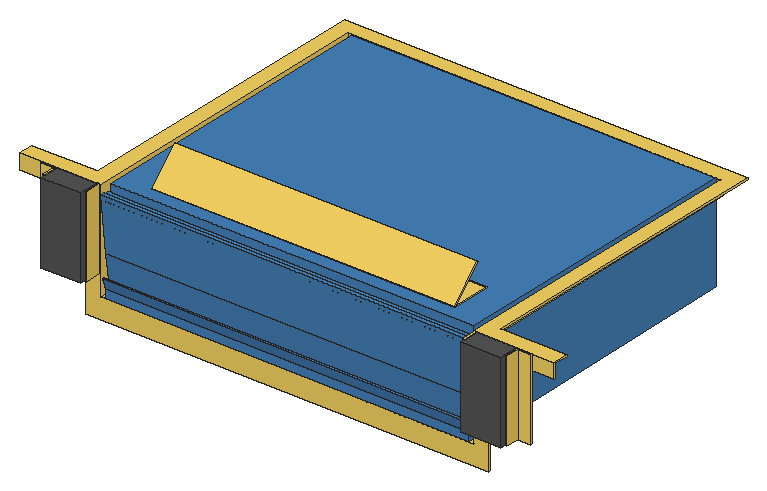
Revit family "DockLeveler_XDS-Series_BlueGiant", category Specialty Equipment, host Face, Revit 2026
Family settings
  Host = Face
  Round Connector Dimension = Use Diameter
  Part Type = Normal
  Enable Cutting in Views = No
  Cut with Voids When Loaded = No
  Maintain Annotation Orientation = No
  Shared = No
  Room Calculation Point = No
Parameters
  offsetangles [instance] = if(Steel Pit Angles, 0' 0", Pit Depth + 2' 0")  # 0' - 0"
  Warranty Duration (Years) = 0
  Unit Width = 6' - 0"
  Unit Length [instance] = Pit Length - 0' 2" + Lip Length + 0' 0 1/4"  # 6' - 3 1/2"
  URL = "http://www.bluegiant.com/"
  Textured Surface [instance] = Metal - Blue Giant - Textured Surface
  Test Data = ""
  Steel Pit Angles [instance] = yes
  Safety Marker Finish [instance] = Metal - Blue Giant - Safety Yellow
  Steel Angle Extension at Opening [instance] = 1' - 4"
  Specification = "http://www.arcat.com/sdspecs/htm/11160blu.htm"
  SpecWizard = "http://www.arcat.com/specwizard/11160blu/index.htm?mf=&coid=38505"
  Send Message = "http://www.arcat.com/users.pl?action=UserEmail&amp;company=Blue+Giant+Equipment+Corp.&amp;coid=38505&amp;rep=119&amp;fax=905-457-2313&amp;mf=95"
  Sales Information = "http://www.bluegiant.com/Loading_Dock_Dealer_Locations.html"
  Revision = "R1_06_2014"
  Rear Pit Offset = 0' - 0 1/2"
  Product Properties = ""
  Product Data = "http://www.arcat.com/arcatcos/cos38/arc38505.html"
  Pit Width = 6' - 2"
  Pit Length = 5' - 1 1/4"
  Pit Depth = 1' - 8"
  Model = "As Specified"
  Manufacturer Website = "http://www.bluegiant.com/"
  Manufacturer Phone - Toll Free = "800-668-7078"
  Manufacturer Phone = "905-457-3900"
  Manufacturer Fax = "905-457-2313"
  Manufacturer Address = "85 Heart Lake Rd. S.; Brampton; ON; Canada L6W 3K2"
  Manufacturer = "Blue Giant Equipment Corp."
  Maintenance Schedule (Months) = 0
  Lip Length [instance] = 1' - 4"
  Lip Inset = 0' - 0"
  Keynote = "11600"
  Installation-Fabrication = "http://www.bluegiant.com/Guide/Loading_Dock_Equipment.html"
  Installation Phase = ""
  Include Generic Bumpers [instance] = yes
  Green Building-LEED = "http://www.arcat.com/green/clients/leed_data_38505.html"
  Generic Bumper Width [instance] = 0' - 8"
  Generic Bumper Height [instance] = 1' - 4"
  Fixture Material [instance] = Metal - Blue Giant - Blue
  Expected Lifespan (Years) = 0
  Electrical_Voltage [instance] = 120 V
  Electrical_Phase [instance] = 1
  Electrical_Frequency [instance] = 60 Hz
  Drawn By = "Sumex Design, Inc. / Robert S. Weygant, CSI, CDT, SCIP"
  Description = "Blue Giant Loading Dock Equipment as Specified"
  Default Elevation = 0' - 0"
  Copyright = "©Arcat Inc."
  Construction Details = "http://www.arcat.com/details/bluegian/bluegian.html?coid=38505"
  Capacity = "as Specified"
  Bumper Finish [instance] = Rubber - Blue Giant - Black
  Building Codes = ""
  Available Options = "as Specified"
  Assembly Code = "E1030300"
Reference planes (in)
  plane 1 "Center (Front/Back)": y = -11.375
  plane 2: z = 0
  plane 3 "Center (Left/Right)": x = 0
  plane 4: y = 19.25
  plane 5 "Pit Front": y = -42
  plane 6: x = -37
  plane 7: x = 37
  plane 8: x = -36
  plane 9: x = 36
  plane 10 "Pit Base": z = -20
  plane 11: z = -19.5
  plane 12: z = 0
  plane 13 "Top of Steel Angle": z = -20
  plane 14: z = -24
  plane 15: y = -38
  plane 16: x = -20.75
  plane 17: x = 15.25
  plane 18: x = -35
  plane 19: x = 35
  plane 20: x = 36
  plane 21: x = -36
  plane 22: x = -37.625
  plane 23: x = 37.625
  plane 24: x = -45.625
  plane 25: x = 45.625
  plane 26: z = -16
  plane 27: x = -53
  plane 28: x = 53
Forms (in)
  Extrusion 1, void
    sketch origin (0, 0, 0) x (0, 1, 0) y (0, 0, 1)
      loop
        line (-42, 0) -> (-42, -20) -> (-38, -20) -> (19.25, -19.5) -> (19.25, 0) -> (-42, 0)
    from -37 to 37
  Sweep 2, solid, material "Metal - Blue Giant - Safety Yellow" <- "Safety Marker Finish", visible <- "Steel Pit Angles"
    path origin (-34.2385, -180, 0) x (-1, 0, 0) y (0, -1, 0)
      loop
        line (-87.2385, -138) -> (-71.2385, -138) -> (-71.2385, -199.25) -> (2.7615, -199.25) -> (2.7615, -138) -> (18.7615, -138)
    profile origin (-45, -42, 0) x (0, -1, 0) y (0, 0, 1)
      loop
        line (0, 0) -> (-3, 0) -> (-3, -0.25) -> (-0.25, -0.25) -> (-0.25, -3) -> (0, -3) -> (0, 0)
  Sweep 3, void
    path origin (-34.2385, -180, 0) x (-1, 0, 0) y (0, -1, 0)
      loop
        line (-87.2385, -138) -> (-71.2385, -138) -> (-71.2385, -199.25) -> (2.7615, -199.25) -> (2.7615, -138) -> (18.7615, -138)
    profile origin (-45, -42, 0) x (0, -1, 0) y (0, 0, 1)
      loop
        line (0, 0) -> (-3, 0) -> (-3, -0.25) -> (-0.25, -0.25) -> (-0.25, -3) -> (0, -3) -> (0, 0)
  Extrusion 4, solid, material "Metal - Blue Giant - Safety Yellow" <- "Safety Marker Finish", visible <- "Steel Pit Angles"
    sketch origin (0, 0, 0) x (1, 0, 0) y (0, 1, 0)
      loop
        line (-37, -42) -> (-37, -39) -> (-37.25, -39) -> (-37.25, -41.75) -> (-40, -41.75) -> (-40, -42) -> (-37, -42)
      loop
        line (37, -42) -> (40, -42) -> (40, -41.75) -> (37.25, -41.75) -> (37.25, -39) -> (37, -39) -> (37, -42)
    from -24 to -3
  Extrusion 5, void
    sketch origin (0, 0, 0) x (1, 0, 0) y (0, 1, 0)
      loop
        line (-37, -39) -> (-37.25, -39) -> (-37.25, -41.75) -> (-40, -41.75) -> (-40, -42) -> (-37, -42) -> (-37, -39)
      loop
        line (37, -39) -> (37, -42) -> (40, -42) -> (40, -41.75) -> (37.25, -41.75) -> (37.25, -39) -> (37, -39)
    from -24 to 0
  Sweep 6, solid, material "Metal - Blue Giant - Safety Yellow" <- "Safety Marker Finish", visible <- "Steel Pit Angles"
    path origin (0, -11.375, 0) x (1, 0, 0) y (0, 0, 1)
      loop
        line (-37, -20) -> (37, -20)
    profile origin (0, -11.375, -20) x (0, 0, 1) y (0, -1, 0)
      loop
        line (0, 30.625) -> (-4, 30.625) -> (-4, 30.375) -> (-0.25, 30.375) -> (-0.25, 26.625) -> (0, 26.625) -> (0, 30.625)
  Sweep 7, void
    path origin (0, -11.375, 0) x (1, 0, 0) y (0, 0, 1)
      loop
        line (-37, -20) -> (37, -20)
    profile origin (0, -11.375, -20) x (0, 0, 1) y (0, -1, 0)
      loop
        line (0, 30.625) -> (-4, 30.625) -> (-4, 30.375) -> (-0.25, 30.375) -> (-0.25, 26.625) -> (0, 26.625) -> (0, 30.625)
  Extrusion 8, solid, material "Metal - Blue Giant - Blue" <- "Fixture Material"
    sketch origin (0, 0, 0) x (0, 1, 0) y (0, 0, 1)
      loop
        line (19.25, -19.5) -> (19.25, 0) -> (-40.75, 0) -> (-40.75, -17.0303) -> (-42, -17.0303) -> (-42.375, -16) -> (-42.76955, -16.1436) -> (-42, -18.25791) -> (-42, -20) -> (-38, -20) -> (19.25, -19.5)
    from -36 to 36
  Extrusion 9, solid, material "Metal - Blue Giant - Blue" <- "Fixture Material"
    sketch origin (0, 0, 0) x (0, 1, 0) y (0, 0, 1)
      loop
        line (-40.77952, -16.9129) -> (-42.45197, -1.00055) -> (-43.07355, -1.06588) -> (-41.92374, -12.00562) -> (-41.22745, -16.95998) -> (-40.77952, -16.9129)
    from -36 to 36
  Extrusion 10, solid, material "Metal - Blue Giant - Safety Yellow" <- "Safety Marker Finish", visible <- "Include Generic Bumpers"
    sketch origin (0, 0, 0) x (1, 0, 0) y (0, 1, 0)
      loop
        line (-37.625, -42) -> (-37.625, -45) -> (-37.25, -45) -> (-37.25, -42) -> (-37.625, -42)
      loop
        line (-48.625, -42) -> (-48.625, -42.375) -> (-46, -42.375) -> (-46, -45) -> (-45.625, -45) -> (-45.625, -42) -> (-48.625, -42)
      loop
        line (37.625, -42) -> (37.25, -42) -> (37.25, -45) -> (37.625, -45) -> (37.625, -42)
      loop
        line (48.625, -42) -> (45.625, -42) -> (45.625, -45) -> (46, -45) -> (46, -42.375) -> (48.625, -42.375) -> (48.625, -42)
    from 0 to -16
  Extrusion 11, solid, material "Rubber - Blue Giant - Black" <- "Bumper Finish", visible <- "Include Generic Bumpers"
    sketch origin (0, 0, 0) x (1, 0, 0) y (0, 1, 0)
      loop
        line (-45.625, -42) -> (-45.625, -46) -> (-37.625, -46) -> (-37.625, -42) -> (-45.625, -42)
      loop
        line (45.625, -42) -> (37.625, -42) -> (37.625, -46) -> (45.625, -46) -> (45.625, -42)
    from 0 to -16
  Extrusion 12, solid, material "Metal - Blue Giant - Blue" <- "Fixture Material"
    sketch origin (0, 0, 0) x (0, 1, 0) y (0, 0, 1)
      loop
        circle (-41.54383, -2.08341) r 0.8125
    from -36 to 36
  Extrusion 13, void
    sketch origin (0, 0, 0) x (1, 0, 0) y (0, 1, 0)
      loop
        line (-30, -38) -> (30, -38) -> (30, -30) -> (-30, -30) -> (-30, -38)
    from 0 to -2
  Extrusion 14, solid, material "Metal - Blue Giant - Safety Yellow" <- "Safety Marker Finish"
    sketch origin (0, 0, 0) x (1, 0, 0) y (0, 1, 0)
      loop
        line (-30, -30) -> (-30, -38) -> (30, -38) -> (30, -30) -> (-30, -30)
    from 8 to -2
  Extrusion 15, void
    sketch origin (0, 0, 0) x (0, 1, 0) y (0, 0, 1)
      loop
        line (-38, 8) -> (-38, 0) -> (-32.34315, 5.65685) -> (-32.16637, 5.48008) -> (-37.64645, 0) -> (-29.82322, 0) -> (-29.82322, 8) -> (-38, 8)
    from -36 to 36
Cuts and joins
  joined: Extrusion 4, Sweep 6
  Extrusion 13, Extrusion 15 cuts Sweep 2
  Extrusion 13, Extrusion 15 cuts Extrusion 8
  Extrusion 15 cuts Extrusion 14
Lines and regions (in)
  reference lines
    curve 1: line (0, 19.25, -19.5) -> (0, -38, -20)
  model lines, style "InvisibleLines"
    curve 2: line (0, 19.25, 0) -> (0, 19.25, 12)
Dimensions and locks (in)
  equal spacing: plane 4, plane 1 "Center (Front/Back)", plane 5 "Pit Front"
  "Pit Length": plane 4 to plane 5 "Pit Front"
  equal spacing: plane 6, plane 3 "Center (Left/Right)", plane 7
  "Pit Width": plane 6 to plane 7
  "Unit Width": plane 8 to plane 9
  "Pit Depth": level to plane 10 "Pit Base"
  "Rear Pit Offset": plane 11 to plane 10 "Pit Base"
  "Pit Depth": plane 12 to plane 13 "Top of Steel Angle"
  "offsetangles": plane 12 to level
  plane 12 to Sweep 2 sketch curve to Sweep 2 sketch curve = 0' - 0 1/4" locked, 0' - 2 3/4" locked
  plane 5 "Pit Front" to Sweep 2 sketch curve to Sweep 2 sketch curve = 0' - 0 1/4" locked, 0' - 2 3/4" locked
  locked: Sweep 3 sketch curve to Sweep 3 sketch curve at 2.75  (x2)
  locked: plane 12 to Sweep 3 sketch curve at 0.25
  locked: plane 5 "Pit Front" to Sweep 3 sketch curve at 0.25
  locked: plane 5 "Pit Front" to Extrusion 1 sketch curve at 4
  Extrusion 4 sketch curve to Extrusion 4 sketch curve to plane 5 "Pit Front" = 0' - 2 3/4" locked, 0' - 0 1/4" locked
  Extrusion 4 sketch curve to Extrusion 4 sketch curve to plane 6 = 0' - 2 3/4" locked, 0' - 0 1/4" locked
  locked: Extrusion 4 sketch curve to Extrusion 4 sketch curve at 2.75  (x2)
  locked: plane 7 to Extrusion 4 sketch curve at 0.25
  locked: Extrusion 4 sketch curve to plane 5 "Pit Front" at 0.25
  locked: plane 13 "Top of Steel Angle" to plane 14 at 4
  Extrusion 5 sketch curve to Extrusion 5 sketch curve to plane 6 = 0' - 2 3/4" locked, 0' - 0 1/4" locked
  Extrusion 5 sketch curve to Extrusion 5 sketch curve to plane 5 "Pit Front" = 0' - 2 3/4" locked, 0' - 0 1/4" locked  (x2)
  plane 7 to Extrusion 5 sketch curve to Extrusion 5 sketch curve = 0' - 0 1/4" locked, 0' - 2 3/4" locked
  plane 5 "Pit Front" to Sweep 6 sketch curve to Sweep 6 sketch curve = 0' - 0 1/4" locked, 0' - 3 3/4" locked
  locked: plane 13 "Top of Steel Angle" to Sweep 6 sketch curve at 0.25
  locked: Sweep 7 sketch curve to Sweep 7 sketch curve at 3.75
  locked: plane 13 "Top of Steel Angle" to Sweep 7 sketch curve at 0.25
  locked: plane 5 "Pit Front" to Sweep 7 sketch curve at 0.25
  locked: Extrusion 8 sketch curve to plane 4
  locked: plane 15 to plane 5 "Pit Front" at 4
  locked: plane 5 "Pit Front" to Extrusion 8 sketch curve at 1.25
  plane 9 to plane 17 to plane 3 "Center (Left/Right)" to plane 16 to plane 8 = 1' - 8 3/4", 1' - 3 1/4", 1' - 8 3/4", 1' - 3 1/4"
  "Lip Length": Extrusion 9 sketch curve to Extrusion 9 sketch curve
  plane 5 "Pit Front" to Extrusion 10 sketch curve to Extrusion 10 sketch curve = 0' - 0 3/8" locked, 0' - 2 5/8" locked  (x2)
  locked: plane 5 "Pit Front" to Extrusion 10 sketch curve at 3  (x2)
  locked: plane 5 "Pit Front" to Extrusion 11 sketch curve at 4  (x2)
  locked: plane 19 to plane 20 at 1
  locked: plane 21 to plane 18 at 1
  "Lip Inset": plane 8 to plane 21
  "Lip Inset": plane 20 to plane 9
  plane 6 to plane 21 = 0' - 1"
  plane 20 to plane 7 = 0' - 1"
  level to Extrusion 9 sketch curve to Extrusion 9 sketch curve = 1' - 0.00562" locked, 0' - 4.95436" locked
  locked: plane 22 to plane 6 at 0.625
  locked: plane 7 to plane 23 at 0.625
  "Generic Bumper Width": plane 24 to plane 22
  "Generic Bumper Width": plane 23 to plane 25
  locked: plane 22 to Extrusion 10 sketch curve at 0.375
  Extrusion 10 sketch curve to Extrusion 10 sketch curve to plane 24 = 0' - 2 5/8" locked, 0' - 0 3/8" locked
  locked: Extrusion 10 sketch curve to plane 23 at 0.375
  plane 25 to Extrusion 10 sketch curve to Extrusion 10 sketch curve = 0' - 0 3/8" locked, 0' - 2 5/8" locked
  "Generic Bumper Height": level to plane 26
  "Steel Angle Extension at Opening": plane 27 to plane 6
  "Steel Angle Extension at Opening": plane 7 to plane 28
  Extrusion 8 sketch curve to Extrusion 8 sketch curve to Extrusion 8 sketch curve to Extrusion 8 sketch curve to plane 10 "Pit Base" = 0' - 0.1436" locked, 0' - 0 227/256" locked, 0' - 1.22761" locked, 0' - 1.74209" locked
  locked: plane 5 "Pit Front" to Extrusion 9 sketch curve at 1.22048
  locked: plane 5 "Pit Front" to Extrusion 12 sketch curve at 0.45617
  locked: level to Extrusion 12 sketch curve at 2.08341
  equal spacing: plane 8, plane 3 "Center (Left/Right)", plane 9
  Extrusion 13 sketch curve to Extrusion 13 sketch curve to plane 5 "Pit Front" = 0' - 8" locked, 0' - 4" locked
  locked: Extrusion 13 sketch curve to plane 9 at 6
  locked: plane 8 to Extrusion 13 sketch curve at 6
  Extrusion 14 sketch curve to Extrusion 14 sketch curve to plane 5 "Pit Front" = 0' - 8" locked, 0' - 4" locked
  locked: Extrusion 14 sketch curve to plane 9 at 6
  locked: plane 8 to Extrusion 14 sketch curve at 6
  locked: plane 15 to Extrusion 15 sketch curve at 8.17678
  locked: Extrusion 15 sketch curve to level at 8
  locked: plane 15 to Extrusion 15 sketch curve at 0.35355
  locked: Extrusion 9 sketch curve to Extrusion 9 sketch curve (angle 92.00°)
  aligned and locked: host face to plane 2
  aligned and locked: host face to level
  aligned and locked: Extrusion 1 sketch curve to plane 4
  aligned and locked: level to Extrusion 1 sketch curve
  aligned and locked: Extrusion 1 sketch curve to plane 5 "Pit Front"
  aligned and locked: plane 11 to Extrusion 1 sketch curve
  aligned and locked: Extrusion 1 to plane 7
  aligned and locked: Extrusion 1 to plane 6
  aligned and locked: Sweep 2 sketch curve to plane 6
  aligned and locked: Sweep 2 sketch curve to plane 7
  aligned and locked: Sweep 2 sketch curve to plane 4
  aligned and locked: plane 12 to Sweep 2 sketch curve
  aligned and locked: plane 5 "Pit Front" to Sweep 2 sketch curve
  aligned and locked: Sweep 3 sketch curve to plane 6
  aligned and locked: Sweep 3 sketch curve to plane 4
  aligned and locked: Sweep 3 sketch curve to plane 7
  aligned and locked: plane 5 "Pit Front" to Sweep 3 sketch curve  (x3)
  aligned and locked: plane 12 to Sweep 3 sketch curve
  aligned and locked: plane 5 "Pit Front" to Extrusion 4 sketch curve  (x2)
  aligned and locked: Extrusion 4 sketch curve to plane 6
  aligned and locked: Extrusion 4 sketch curve to plane 7
  aligned: Extrusion 4 to plane 12
  aligned and locked: Extrusion 4 to plane 14
  aligned and locked: Extrusion 5 sketch curve to plane 6
  aligned and locked: Extrusion 5 sketch curve to plane 5 "Pit Front"  (x2)
  aligned and locked: Extrusion 5 sketch curve to plane 7
  aligned and locked: Extrusion 5 to plane 12
  aligned and locked: Extrusion 5 to plane 14
  aligned and locked: Sweep 6 sketch curve to plane 13 "Top of Steel Angle"  (x2)
  aligned and locked: Sweep 6 sketch curve to plane 7
  aligned and locked: Sweep 6 sketch curve to plane 6
  aligned and locked: plane 5 "Pit Front" to Sweep 6 sketch curve
  aligned and locked: Sweep 6 sketch curve to plane 14
  aligned and locked: Sweep 7 sketch curve to plane 13 "Top of Steel Angle"  (x2)
  aligned and locked: Sweep 7 sketch curve to plane 7
  aligned and locked: Sweep 7 sketch curve to plane 6
  aligned and locked: plane 5 "Pit Front" to Sweep 7 sketch curve
  aligned and locked: Sweep 7 sketch curve to plane 14
  aligned and locked: Extrusion 8 sketch curve to level
  aligned and locked: Extrusion 8 sketch curve to plane 5 "Pit Front"
  aligned and locked: plane 15 to curve 1
  aligned and locked: plane 10 "Pit Base" to curve 1
  aligned and locked: plane 4 to curve 1
  aligned and locked: plane 11 to curve 1
  aligned and locked: curve 1 to Extrusion 8 sketch curve
  aligned and locked: Extrusion 8 to plane 8
  aligned and locked: Extrusion 8 to plane 9
  aligned: Extrusion 9 to plane 9
  aligned: Extrusion 9 to plane 8
  aligned and locked: Extrusion 10 sketch curve to plane 5 "Pit Front"  (x4)
  aligned and locked: Extrusion 11 sketch curve to plane 5 "Pit Front"  (x2)
  aligned and locked: Extrusion 9 to plane 20
  aligned and locked: plane 21 to Extrusion 9
  aligned and locked: plane 23 to Extrusion 11 sketch curve
  aligned and locked: plane 25 to Extrusion 11 sketch curve
  aligned and locked: plane 22 to Extrusion 11 sketch curve
  aligned and locked: plane 24 to Extrusion 11 sketch curve
  aligned and locked: plane 24 to Extrusion 10 sketch curve
  aligned and locked: Extrusion 10 sketch curve to plane 22
  aligned and locked: Extrusion 10 sketch curve to plane 23
  aligned and locked: plane 25 to Extrusion 10 sketch curve
  aligned and locked: plane 26 to Extrusion 11
  aligned and locked: plane 26 to Extrusion 10
  aligned and locked: plane 28 to Sweep 3 sketch curve
  aligned and locked: plane 27 to Sweep 3 sketch curve
  aligned and locked: plane 27 to Sweep 2 sketch curve
  aligned and locked: plane 28 to Sweep 2 sketch curve
  aligned and locked: Extrusion 12 to plane 20
  aligned and locked: plane 21 to Extrusion 12
  aligned and locked: Extrusion 15 sketch curve to plane 15
  aligned and locked: plane 9 to Extrusion 15
  aligned and locked: Extrusion 15 to plane 8
  aligned and locked: level to Extrusion 15 sketch curve
Automatic sketch dimensions
  host sketch curve to host sketch curve = 12' - 0"
  host sketch curve to host sketch curve = 11' - 11"
  Extrusion 1 sketch curve to plane 10 "Pit Base" = 0' - 0"
  Sweep 2 sketch curve to plane 5 "Pit Front" = 0' - 0"
  plane 5 "Pit Front" to Sweep 2 sketch curve = 0' - 0"
  Extrusion 10 sketch curve to plane 5 "Pit Front" = 0' - 0"
  Extrusion 8 sketch curve to plane 5 "Pit Front" = 0' - 0"
  Extrusion 8 sketch curve to plane 10 "Pit Base" = 0' - 0"
  Extrusion 9 sketch curve to Extrusion 9 sketch curve = 0' - 0.62158"
  Extrusion 9 sketch curve to Extrusion 9 sketch curve = 0' - 1.14422"
  Extrusion 15 sketch curve to level = 0' - 0"
  level to Extrusion 15 sketch curve = 0' - 5.48008"
  Extrusion 15 sketch curve to Extrusion 15 sketch curve = 0' - 2.51992"
  curve 2 to plane 3 "Center (Left/Right)" = 0' - 0"
  curve 2 to level = 0' - 0"
  level to curve 2 = 1' - 0"
  radius of Extrusion 12 sketch curve = 0' - 0 13/16"
Connectors (in)
  electrical at (0, 19.25, -9.75), driven by "Electrical_Voltage"
    settings: on Extrusion 8, index 4, voltage 120 V, apparent load 0 VA, apparent load phase1 0 VA, apparent load phase2 0 VA, apparent load phase3 0 VA, power factor 1, load classification "Other", number of poles 1, system type 31, power factor state 1, is connector primary yes, connector utility no, sub classification motor no, connector description ""
